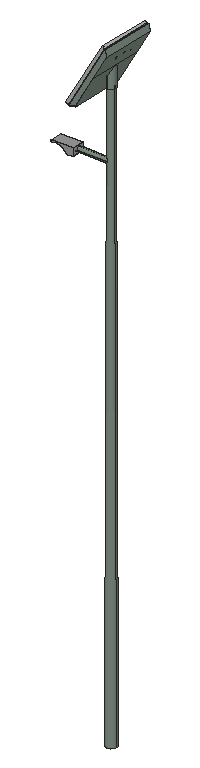
Revit family "Farola Solar Olintu L verde bosque", category Luminarias, Revit 2021
Family settings
  Cota de conector redondo = Diámetro de uso
  Tipo de pieza = Normal
  Se basa en plano de trabajo = No
  Siempre vertical = Sí
  Corte con vacíos al cargar = No
  Origen de luz = No
  Compartido = Sí
  Punto de cálculo de habitación = No
Parameters
  URL producto = "https://ekiona.com/farolas-solares/serie-olintu/"
  URL = "https://www.ekiona.com/"
  Teléfono de contacto = "(+34) 943 30 80 51"
  Keynote = ""
  Modelo = "Modelo Olintu"
  Marcado CE = "SÍ"
  Garantía = "5 años"
  Gama de colores = "Blanco, Negro, Gris, Verde bosque, Acero galvanizado"
  Gama de acabados = "Galvanizado, Fibra de vidrio, Aluminio"
  Fabricante = "Ekiona"
  Elevación por defecto = 2000 mm
  E-mail de contacto = "info@ekiona.com"
  Distancia inserto-columa = Altura columna extremos - 150 mm  # 7850 mm
  Distancia brazo-final de columna = Altura columna extremos - 1000 mm  # 7000 mm
  Dirección = "Parque Tecnológico Miramón - Paseo Mikeletegi 56 - 20009 Donostia/San Sebastián"
  Descripción de la empresa = "Diseñamos, desarrollamos, fabricamos y comercializamos farolas solares que se adaptan a cualquier necesidad."
  Descripción = "Farola solar que combina diseño y eficencia"
  Clase eficiencia energética = "A++"
  Altura columna planos = Altura columna extremos  # 8000 mm
  Altura columna extremos = 8000 mm
Reference planes
  plane 1 "Center (Front/Back)": y = 0
  plane 2: z = 0
  plane 3 "Center (Left/Right)": x = 0
  plane 4: z = 8000
  plane 5: z = 7850
  plane 6: z = 7000
Dimensions and locks
  "Altura columna planos": level to plane 4
  "Altura columna extremos": nested 1 to plane 4
  "Distancia inserto-columa": level to plane 5
  "Distancia brazo-final de columna": level to plane 6
  aligned and locked: level to plane 2
  aligned and locked: plane 4 to nested 1
  aligned and locked: plane 5 to nested 2
  aligned and locked: plane 6 to nested 3
Nested families
  nested 1: "Columna Olintu L verde bosque" at (0, 0, 0), type "Columna 8m"
  nested 2: "Tolva Olintu L verde bosque" at (-30.017, 337.873, 6260.512), type "Tolva Olintu M"
  nested 3: "Luminaria Olintu L verde bosque" at (0, 0, 6955), type "Luminaria 20W"
Definition of nested family "Columna Olintu L verde bosque"
  Parameters (values of type "Columna 10m")
    Øsuperior = 88 mm
    Øinferior = 150 mm
    Material columna = none
    Default Elevation = 0 mm
    Altura columna [instance] = 10000 mm
  Types (3, lengths in mm): name | Øinferior | Altura columna
    Columna 9m | 145 | 9000
    Columna 8m | 140 | 8000
    Columna 10m | 150 | 10000
  Reference planes
    plane 1 "Center (Front/Back)": y = 0
    plane 2: z = 0
    plane 3 "Center (Left/Right)": x = 0
    plane 4: z = 10000
  Forms (mm)
    Blend 1, solid, material <- "Material columna"
      base sketch origin (0, 0, 0) x (1, 0, 0) y (0, 1, 0)
        loop
          circle (0, 0) r 75
      top sketch origin (0, 0, 0) x (1, 0, 0) y (0, 1, 0)
        loop
          circle (0, 0) r 44
      from 0 to 10000
  Dimensions and locks
    "Altura columna": plane 4 to level
    "Øinferior": diameter of Blend 1 sketch curve
    "Øsuperior": diameter of Blend 1 sketch curve
    aligned and locked: level to plane 2
    aligned and locked: plane 4 to Blend 1
  Automatic sketch dimensions
    plane 1 "Center (Front/Back)" to Blend 1 sketch curve = 0 mm  (x2)
    Blend 1 sketch curve to plane 3 "Center (Left/Right)" = 0 mm  (x2)
Definition of nested family "Tolva Olintu L verde bosque"
  Parameters (values of type "Tolva Olintu M")
    Model = "Tolva Olintu"
    Material tapa = none
    Material inserto = none
    Material estructura base = none
    Material embellecedor = none
    Manufacturer = "Ekiona"
    Default Elevation = 0 mm
    Ancho panel = 545 mm
  Reference planes
    plane 1 "Center (Front/Back)": y = 0
    plane 2: z = 0
    plane 3 "Center (Left/Right)": x = 0
    plane 4 "Plano 1": through (314.197, -25, 2122.882) normal (-0.5, 0, 0.866)
    plane 5 "paralelo a vista izq": y = -337.5
    plane 6 "Plano 1": through (259.959, -25, 3493.187) normal (-0.5, 0, 0.866)
    plane 7: through (172.752, 0, 2142.023) normal (-0.866, 0, 0.5)
  Forms (mm)
    Extrusion 1, solid, material <- "Material estructura base"
      sketch origin (128.943, 0, 6.927) x (1, 0, 0) y (0, 0, 1)
        loop
          line (102.452, 2266.839) -> (-376.662, 1436.99) -> (-311.636, 1399.447) -> (167.478, 2229.297) -> (102.452, 2266.839)
      from 0 to 704.8
    Extrusion 2, void
      sketch origin (28.039, 0, -172.323) x (1, 0, 0) y (0, 0, 1)
        loop
          line (221.073, 2440.009) -> (236.391, 2353.137) -> (284.006, 2435.609) -> (221.073, 2440.009)
      from 0 to 704.8
    Extrusion 3, void
      sketch origin (59.33, 0, -118.226) x (1, 0, 0) y (0, 0, 1)
        loop
          line (-212.839, 1570.569) -> (-289.787, 1549.95) -> (-300.47, 1528.787) -> (-231.188, 1488.787) -> (-191.188, 1558.069) -> (-212.839, 1570.569)
      from 0 to 769.834
    Extrusion 4, solid, material <- "Material tapa"
      sketch origin (-59.014, 0, -318.454) x (1, 0, 0) y (0, 0, 1)
        loop
          line (290.483, 2592.177) -> (309.316, 2581.303) -> (323.733, 2499.539) -> (152.052, 2202.179) -> (153.752, 2201.197) -> (325.531, 2498.727) -> (310.698, 2582.853) -> (291.499, 2593.937) -> (290.483, 2592.177)
      from 0 to 704.8
    Extrusion 5, solid, material <- "Material embellecedor"
      sketch origin (128.918, 0, 7.059) x (1, 0, 0) y (0, 0, 1)
        loop
          line (-35.978, 1876.723) -> (-285.554, 1444.445) -> (-356.741, 1425.371) -> (-376.562, 1436.815) -> (-377.509, 1435.176) -> (-356.946, 1423.304) -> (-284.094, 1442.825) -> (-34.182, 1875.686) -> (-35.978, 1876.723)
      from 0 to 704.8
    Extrusion 6, void
      sketch origin (-959.244, -34.1, 22.516) x (0, 1, 0) y (0.5, 0, 0.866025)
        loop
          line (-463.861, 2321.81) -> (-416.148, 2321.81)
          arc (-416.148, 2321.81) -> (-419.48, 2339.286) -> (-430.409, 2353.323) r 37.954
          arc (-430.409, 2353.323) -> (-445.409, 2358.568) -> (-460.409, 2353.323) r 24.073
          arc (-460.409, 2353.323) -> (-471.433, 2339.075) -> (-474.645, 2321.349) r 37.954
          arc (-474.645, 2321.349) -> (-473.167, 2312.913) -> (-469.836, 2305.024) r 37.954
          arc (-469.836, 2305.024) -> (-441.562, 2289.96) -> (-416.017, 2309.293) r 29.744
          line (-416.017, 2309.293) -> (-423.962, 2312.74)
          arc (-423.962, 2312.74) -> (-442.617, 2300.75) -> (-461.255, 2312.766) r 20.484
          arc (-461.255, 2312.766) -> (-462.888, 2317.193) -> (-463.861, 2321.81) r 32.425
        loop
          line (-462.861, 2331.038) -> (-427.861, 2331.038)
          arc (-427.861, 2331.038) -> (-445.361, 2348.538) -> (-462.861, 2331.038) r 17.5
        loop
          line (-407.152, 2354.99) -> (-407.152, 2299.99)
          arc (-407.152, 2299.99) -> (-401.908, 2294.747) -> (-396.665, 2299.99) r 5.244
          line (-396.665, 2299.99) -> (-396.665, 2315.008) -> (-387.196, 2324.476) -> (-367.121, 2295.806)
          arc (-367.121, 2295.806) -> (-360.158, 2294.578) -> (-358.93, 2301.542) r 5
          line (-358.93, 2301.542) -> (-380.016, 2331.656) -> (-362.339, 2349.334)
          arc (-362.339, 2349.334) -> (-362.339, 2357.323) -> (-370.328, 2357.323) r 5.649
          line (-370.328, 2357.323) -> (-396.665, 2330.986) -> (-396.665, 2354.99)
          arc (-396.665, 2354.99) -> (-401.908, 2360.234) -> (-407.152, 2354.99) r 5.244
        loop
          line (-345.695, 2330.348) -> (-345.695, 2298.296)
          arc (-345.695, 2298.296) -> (-340.695, 2293.296) -> (-335.695, 2298.296) r 5
          line (-335.695, 2298.296) -> (-335.695, 2330.348)
          arc (-335.695, 2330.348) -> (-340.695, 2335.348) -> (-345.695, 2330.348) r 5
        loop
          arc (-313.958, 2351.943) -> (-322.635, 2348.932) -> (-329.497, 2355.038) r 9.076
          arc (-329.497, 2355.038) -> (-336.449, 2361.579) -> (-345.695, 2359.211) r 9.903
          arc (-345.695, 2359.211) -> (-348.682, 2355.086) -> (-349.922, 2350.147) r 13.45
          arc (-349.922, 2350.147) -> (-346.706, 2343.243) -> (-339.177, 2342.089) r 8.071
          arc (-339.177, 2342.089) -> (-335.695, 2342.685) -> (-332.214, 2342.089) r 10.463
          arc (-332.214, 2342.089) -> (-327.031, 2338.208) -> (-325.061, 2332.04) r 10.635
          arc (-325.061, 2332.04) -> (-262.525, 2310.202) -> (-313.958, 2351.943) r 33.621
        loop
          line (-250.357, 2353.481) -> (-250.357, 2298.481)
          arc (-250.357, 2298.481) -> (-243.625, 2291.749) -> (-236.893, 2298.481) r 6.732
          line (-236.893, 2298.481) -> (-236.893, 2343.466)
          arc (-236.893, 2343.466) -> (-229.971, 2349.019) -> (-221.459, 2351.529) r 22.933
          arc (-221.459, 2351.529) -> (-212.902, 2347.984) -> (-209.357, 2339.427) r 12.102
          line (-209.357, 2339.427) -> (-209.357, 2298.481)
          arc (-209.357, 2298.481) -> (-203.024, 2292.148) -> (-196.691, 2298.481) r 6.333
          line (-196.691, 2298.481) -> (-196.691, 2339.905)
          arc (-196.691, 2339.905) -> (-198.028, 2347.169) -> (-201.863, 2353.481) r 20.404
          arc (-201.863, 2353.481) -> (-219.569, 2360.932) -> (-237.793, 2354.854) r 27.258
          arc (-237.793, 2354.854) -> (-244.69, 2359.8) -> (-250.357, 2353.481) r 6.357
        loop
          arc (-184.719, 2344.597) -> (-181.441, 2338.502) -> (-174.681, 2339.98) r 5.745
          arc (-174.681, 2339.98) -> (-169.693, 2349.593) -> (-159.36, 2352.836) r 14.106
          arc (-159.36, 2352.836) -> (-151.076, 2350.212) -> (-144.661, 2344.349) r 20.193
          line (-144.661, 2344.349) -> (-144.661, 2338.186)
          arc (-144.661, 2338.186) -> (-158.183, 2333.475) -> (-172.248, 2330.794) r 97.575
          arc (-172.248, 2330.794) -> (-181.869, 2326.808) -> (-185.855, 2317.187) r 13.607
          arc (-185.855, 2317.187) -> (-186.09, 2312.502) -> (-186.044, 2307.811) r 78.299
          arc (-186.044, 2307.811) -> (-182.313, 2300.899) -> (-176.154, 2296.024) r 19.471
          arc (-176.154, 2296.024) -> (-166.154, 2293.649) -> (-156.154, 2296.024) r 22.235
          arc (-156.154, 2296.024) -> (-150.683, 2299.242) -> (-145.676, 2303.144) r 48.757
          line (-145.676, 2303.144) -> (-145.676, 2297.176)
          arc (-145.676, 2297.176) -> (-140.801, 2292.301) -> (-135.926, 2297.176) r 4.875
          line (-135.926, 2297.176) -> (-135.926, 2347.483)
          arc (-135.926, 2347.483) -> (-140.108, 2354.143) -> (-146.491, 2358.739) r 20.503
          arc (-146.491, 2358.739) -> (-158.534, 2361.376) -> (-170.577, 2358.739) r 28.822
          arc (-170.577, 2358.739) -> (-178.914, 2352.934) -> (-184.719, 2344.597) r 28.822
        loop
          arc (-144.661, 2330.676) -> (-156.177, 2325.488) -> (-168.693, 2323.785) r 44.019
          arc (-168.693, 2323.785) -> (-173.358, 2321.852) -> (-175.29, 2317.187) r 6.598
          arc (-175.29, 2317.187) -> (-175.527, 2313.145) -> (-175.29, 2309.103) r 34.669
          arc (-175.29, 2309.103) -> (-173.729, 2305.335) -> (-169.961, 2303.774) r 5.329
          arc (-169.961, 2303.774) -> (-163.465, 2302.436) -> (-156.969, 2303.774) r 16.436
          arc (-156.969, 2303.774) -> (-150.056, 2308.034) -> (-144.661, 2314.101) r 27.926
          line (-144.661, 2314.101) -> (-144.661, 2330.676)
      from -19.407 to 3
    Revolve 7, solid, material <- "Material inserto"
      sketch origin (29.873, 0, -136.266) x (0, 1, 0) y (0, 0, 1)
        loop
          line (-287.5, 2035.827) -> (-287.5, 1725.755) -> (-284.5, 1725.755) -> (-284.5, 2035.827) -> (-287.5, 2035.827)
        axis (-337.5, 2035.827) -> (-337.5, 1725.755)
      angle from 0 to 360
    Extrusion 8, solid, not visible
      sketch origin (124.705, 0, 1465.982) x (1, 0, 0) y (0, 0, 1)
        loop
          line (25.298, 2103.034) -> (-292.965, 1551.785) -> (-241.004, 1521.785) -> (77.26, 2073.034) -> (25.298, 2103.034)
      from 70.047 to 615.047
    Extrusion 9, void, not visible
      sketch origin (-63.196, 0, 1140.322) x (1, 0, 0) y (0, 0, 1)
        loop
          line (224.128, 2422.685) -> (236.948, 2349.979) -> (276.798, 2419.002) -> (224.128, 2422.685)
      from 0 to 675
    Extrusion 10, void, not visible
      sketch origin (124.705, 0, 1465.982) x (1, 0, 0) y (0, 0, 1)
        loop
          line (-212.839, 1570.569) -> (-289.787, 1549.95) -> (-300.47, 1528.787) -> (-231.188, 1488.787) -> (-191.188, 1558.069) -> (-212.839, 1570.569)
      from 0 to 675
    Extrusion 11, solid, not visible
      sketch origin (-63.252, 0, 1140.601) x (1, 0, 0) y (0, 0, 1)
        loop
          line (212.635, 2427.51) -> (224.709, 2420.539) -> (237.206, 2349.669) -> (152.052, 2202.179) -> (153.752, 2201.197) -> (239.192, 2349.183) -> (226.372, 2421.888) -> (213.635, 2429.242) -> (212.635, 2427.51)
      from 70.047 to 615.047
    Extrusion 12, solid, not visible
      sketch origin (124.679, 0, 1466.114) x (1, 0, 0) y (0, 0, 1)
        loop
          line (-35.879, 1876.666) -> (-212.705, 1570.395) -> (-289.813, 1549.734) -> (-293.065, 1551.612) -> (-294.068, 1549.876) -> (-290.068, 1547.567) -> (-211.46, 1568.63) -> (-34.182, 1875.686) -> (-35.879, 1876.666)
      from 70.047 to 615.047
    Extrusion 13, solid, not visible
      sketch origin (124.769, 0, 1465.921) x (1, 0, 0) y (0, 0, 1)
        loop
          line (-292.965, 1551.785) -> (25.035, 2102.578) -> (-5.276, 2120.078) -> (-323.276, 1569.285) -> (-292.965, 1551.785)
      from 70.047 to 615.047
    Extrusion 14, void, not visible
      sketch origin (-1013.482, -34.1, 1392.821) x (0, 1, 0) y (0.5, 0, 0.866025)
        loop
          line (-463.861, 2321.81) -> (-416.148, 2321.81)
          arc (-416.148, 2321.81) -> (-419.48, 2339.286) -> (-430.409, 2353.323) r 37.954
          arc (-430.409, 2353.323) -> (-445.409, 2358.568) -> (-460.409, 2353.323) r 24.073
          arc (-460.409, 2353.323) -> (-471.433, 2339.075) -> (-474.645, 2321.349) r 37.954
          arc (-474.645, 2321.349) -> (-473.167, 2312.913) -> (-469.836, 2305.024) r 37.954
          arc (-469.836, 2305.024) -> (-441.562, 2289.96) -> (-416.017, 2309.293) r 29.744
          line (-416.017, 2309.293) -> (-423.962, 2312.74)
          arc (-423.962, 2312.74) -> (-442.617, 2300.75) -> (-461.255, 2312.766) r 20.484
          arc (-461.255, 2312.766) -> (-462.888, 2317.193) -> (-463.861, 2321.81) r 32.425
        loop
          line (-462.861, 2331.038) -> (-427.861, 2331.038)
          arc (-427.861, 2331.038) -> (-445.361, 2348.538) -> (-462.861, 2331.038) r 17.5
        loop
          line (-407.152, 2354.99) -> (-407.152, 2299.99)
          arc (-407.152, 2299.99) -> (-401.908, 2294.747) -> (-396.665, 2299.99) r 5.244
          line (-396.665, 2299.99) -> (-396.665, 2315.008) -> (-387.196, 2324.476) -> (-367.121, 2295.806)
          arc (-367.121, 2295.806) -> (-360.158, 2294.578) -> (-358.93, 2301.542) r 5
          line (-358.93, 2301.542) -> (-380.016, 2331.656) -> (-362.339, 2349.334)
          arc (-362.339, 2349.334) -> (-362.339, 2357.323) -> (-370.328, 2357.323) r 5.649
          line (-370.328, 2357.323) -> (-396.665, 2330.986) -> (-396.665, 2354.99)
          arc (-396.665, 2354.99) -> (-401.908, 2360.234) -> (-407.152, 2354.99) r 5.244
        loop
          line (-345.695, 2330.348) -> (-345.695, 2298.296)
          arc (-345.695, 2298.296) -> (-340.695, 2293.296) -> (-335.695, 2298.296) r 5
          line (-335.695, 2298.296) -> (-335.695, 2330.348)
          arc (-335.695, 2330.348) -> (-340.695, 2335.348) -> (-345.695, 2330.348) r 5
        loop
          arc (-313.958, 2351.943) -> (-322.635, 2348.932) -> (-329.497, 2355.038) r 9.076
          arc (-329.497, 2355.038) -> (-336.449, 2361.579) -> (-345.695, 2359.211) r 9.903
          arc (-345.695, 2359.211) -> (-348.682, 2355.086) -> (-349.922, 2350.147) r 13.45
          arc (-349.922, 2350.147) -> (-346.706, 2343.243) -> (-339.177, 2342.089) r 8.071
          arc (-339.177, 2342.089) -> (-335.695, 2342.685) -> (-332.214, 2342.089) r 10.463
          arc (-332.214, 2342.089) -> (-327.031, 2338.208) -> (-325.061, 2332.04) r 10.635
          arc (-325.061, 2332.04) -> (-262.525, 2310.202) -> (-313.958, 2351.943) r 33.621
        loop
          line (-250.357, 2353.481) -> (-250.357, 2298.481)
          arc (-250.357, 2298.481) -> (-243.625, 2291.749) -> (-236.893, 2298.481) r 6.732
          line (-236.893, 2298.481) -> (-236.893, 2343.466)
          arc (-236.893, 2343.466) -> (-229.971, 2349.019) -> (-221.459, 2351.529) r 22.933
          arc (-221.459, 2351.529) -> (-212.902, 2347.984) -> (-209.357, 2339.427) r 12.102
          line (-209.357, 2339.427) -> (-209.357, 2298.481)
          arc (-209.357, 2298.481) -> (-203.024, 2292.148) -> (-196.691, 2298.481) r 6.333
          line (-196.691, 2298.481) -> (-196.691, 2339.905)
          arc (-196.691, 2339.905) -> (-198.028, 2347.169) -> (-201.863, 2353.481) r 20.404
          arc (-201.863, 2353.481) -> (-219.569, 2360.932) -> (-237.793, 2354.854) r 27.258
          arc (-237.793, 2354.854) -> (-244.69, 2359.8) -> (-250.357, 2353.481) r 6.357
        loop
          arc (-184.719, 2344.597) -> (-181.441, 2338.502) -> (-174.681, 2339.98) r 5.745
          arc (-174.681, 2339.98) -> (-169.693, 2349.593) -> (-159.36, 2352.836) r 14.106
          arc (-159.36, 2352.836) -> (-151.076, 2350.212) -> (-144.661, 2344.349) r 20.193
          line (-144.661, 2344.349) -> (-144.661, 2338.186)
          arc (-144.661, 2338.186) -> (-158.183, 2333.475) -> (-172.248, 2330.794) r 97.575
          arc (-172.248, 2330.794) -> (-181.869, 2326.808) -> (-185.855, 2317.187) r 13.607
          arc (-185.855, 2317.187) -> (-186.09, 2312.502) -> (-186.044, 2307.811) r 78.299
          arc (-186.044, 2307.811) -> (-182.313, 2300.899) -> (-176.154, 2296.024) r 19.471
          arc (-176.154, 2296.024) -> (-166.154, 2293.649) -> (-156.154, 2296.024) r 22.235
          arc (-156.154, 2296.024) -> (-150.683, 2299.242) -> (-145.676, 2303.144) r 48.757
          line (-145.676, 2303.144) -> (-145.676, 2297.176)
          arc (-145.676, 2297.176) -> (-140.801, 2292.301) -> (-135.926, 2297.176) r 4.875
          line (-135.926, 2297.176) -> (-135.926, 2347.483)
          arc (-135.926, 2347.483) -> (-140.108, 2354.143) -> (-146.491, 2358.739) r 20.503
          arc (-146.491, 2358.739) -> (-158.534, 2361.376) -> (-170.577, 2358.739) r 28.822
          arc (-170.577, 2358.739) -> (-178.914, 2352.934) -> (-184.719, 2344.597) r 28.822
        loop
          arc (-144.661, 2330.676) -> (-156.177, 2325.488) -> (-168.693, 2323.785) r 44.019
          arc (-168.693, 2323.785) -> (-173.358, 2321.852) -> (-175.29, 2317.187) r 6.598
          arc (-175.29, 2317.187) -> (-175.527, 2313.145) -> (-175.29, 2309.103) r 34.669
          arc (-175.29, 2309.103) -> (-173.729, 2305.335) -> (-169.961, 2303.774) r 5.329
          arc (-169.961, 2303.774) -> (-163.465, 2302.436) -> (-156.969, 2303.774) r 16.436
          arc (-156.969, 2303.774) -> (-150.056, 2308.034) -> (-144.661, 2314.101) r 27.926
          line (-144.661, 2314.101) -> (-144.661, 2330.676)
      from -19.407 to 3
    Revolve 15, solid, not visible
      sketch origin (0, 0, 1241.412) x (0, 1, 0) y (0, 0, 1)
        loop
          line (-287.5, 2035.827) -> (-287.5, 1725.755) -> (-284.5, 1725.755) -> (-284.5, 2035.827) -> (-287.5, 2035.827)
        axis (-337.5, 2035.827) -> (-337.5, 1725.755)
      angle from 0 to 360
    Extrusion 16, solid, not visible
      sketch origin (128.943, 0, 6.927) x (1, 0, 0) y (0, 0, 1)
        loop
          line (25.298, 2103.034) -> (-292.965, 1551.785) -> (-241.004, 1521.785) -> (77.26, 2073.034) -> (25.298, 2103.034)
      from 70.047 to 615.047
    Extrusion 17, solid, not visible
      sketch origin (-59.014, 0, -318.454) x (1, 0, 0) y (0, 0, 1)
        loop
          line (212.635, 2427.51) -> (224.709, 2420.539) -> (237.206, 2349.669) -> (152.052, 2202.179) -> (153.752, 2201.197) -> (239.192, 2349.183) -> (226.372, 2421.888) -> (213.635, 2429.242) -> (212.635, 2427.51)
      from 70.047 to 615.047
    Extrusion 18, solid, not visible
      sketch origin (128.918, 0, 7.059) x (1, 0, 0) y (0, 0, 1)
        loop
          line (-35.879, 1876.666) -> (-212.705, 1570.395) -> (-289.813, 1549.734) -> (-293.065, 1551.612) -> (-294.068, 1549.876) -> (-290.068, 1547.567) -> (-211.46, 1568.63) -> (-34.182, 1875.686) -> (-35.879, 1876.666)
      from 70.047 to 615.047
    Revolve 19, solid, not visible
      sketch origin (0, 0, -217.643) x (0, 1, 0) y (0, 0, 1)
        loop
          line (-287.5, 2035.827) -> (-287.5, 1725.755) -> (-284.5, 1725.755) -> (-284.5, 2035.827) -> (-287.5, 2035.827)
        axis (-337.5, 2035.827) -> (-337.5, 1725.755)
      angle from 0 to 360
    Extrusion 20, solid
      sketch origin (-12.917, 0, 7.457) x (1, 0, 0) y (0, 0, 1)
        loop
          line (245.402, 2268.026) -> (215.091, 2285.526) -> (-265.985, 1452.278) -> (-235.674, 1434.778) -> (245.402, 2268.026)
      from 0 to 704.8
  Cuts and joins
    Extrusion 2, Extrusion 3, Extrusion 6 cuts Extrusion 1
    Extrusion 6 cuts Extrusion 4
  Dimensions and locks
    cut or joined group of Extrusion 4, Extrusion 6 to cut or joined group of Extrusion 4, Extrusion 6 = 704.8 mm
    Extrusion 5 to Extrusion 5 = 704.8 mm
    cut or joined group of Extrusion 1, Extrusion 2, Extrusion 3, Extrusion 6 to cut or joined group of Extrusion 1, Extrusion 2, Extrusion 3, Extrusion 6 = 704.8 mm
    Revolve 7 sketch curve to Revolve 7 sketch curve = 50 mm
    Revolve 7 sketch curve to Revolve 7 sketch curve = 53 mm
    Revolve 19 sketch curve to Revolve 19 sketch curve = 50 mm
    Revolve 19 sketch curve to Revolve 19 sketch curve = 53 mm
    Extrusion 20 to Extrusion 4 = 2.033 mm
    aligned and locked: level to plane 2
    aligned and locked: Extrusion 4 to cut or joined group of Extrusion 1, Extrusion 2, Extrusion 3, Extrusion 6
Definition of nested family "Luminaria Olintu L verde bosque"
  Parameters (values of type "Luminaria 80W")
    Tilt Angle = 70.00°
    built-in parameter 1010506 = 0.34907 (stored number, unit not read)
    built-in parameter 1010507 = 1.2217 (stored number, unit not read)
    Wattage = 80 W
    built-in parameter 1150107 = 3000 (stored number, unit not read)
    built-in parameter 1150110 = 1 (stored number, unit not read)
    built-in parameter 1150109 = 1 (stored number, unit not read)
    built-in parameter 1150112 = 1 (stored number, unit not read)
    built-in parameter 1150113 = 1 (stored number, unit not read)
    built-in parameter 1114218 = 1 (stored number, unit not read)
    built-in parameter 1150137 = (empty or 0)
    built-in parameter 1150132 = (empty or 0)
    Material luminaria = none
    Material brazo = none
    Material LED = none
    Light Source Symbol Length = 3048 mm
    built-in parameter 1150105 = 97231.6 (stored number, unit not read)
    built-in parameter 1150102 = (empty or 0)
    built-in parameter 1150106 = 972.32 (stored number, unit not read)
    Emit Shape Visible in Rendering = no
    Lumens = 13200 lm
    Color Filter = 16777215
    built-in parameter 1114217 = 0.7 (stored number, unit not read)
    built-in parameter 1150139 = (empty or 0)
    Default Elevation = 0 mm
    built-in parameter 1150104 = 15.329 (stored number, unit not read)
    Emit from Circle Diameter = 50 mm
    built-in parameter 1150115 = 1 (stored number, unit not read)
    built-in parameter 1150114 = 1 (stored number, unit not read)
    built-in parameter 1150138 = (empty or 0)
    built-in parameter 1150134 = (empty or 0)
    Dimming Lamp Color Temperature Shift = (empty or 0)
    built-in parameter 1150133 = 10 (stored number, unit not read)
  Types (7, lengths in mm): name | Wattage | built-in parameter 1150105 | built-in parameter 1150106 | Lumens
    Luminaria 30W | 30 W | 36461.8 (stored number, unit not read) | 364.62 (stored number, unit not read) | 4950 lm
    Luminaria 20W | 20 W | 24307.9 (stored number, unit not read) | 243.08 (stored number, unit not read) | 3300 lm
    Luminaria 40W | 40 W | 48615.8 (stored number, unit not read) | 486.16 (stored number, unit not read) | 6600 lm
    Luminaria 50W | 50 W | 60769.7 (stored number, unit not read) | 607.7 (stored number, unit not read) | 8250 lm
    Luminaria 60W | 60 W | 72923.7 (stored number, unit not read) | 729.24 (stored number, unit not read) | 9900 lm
    Luminaria 80W | 80 W | 97231.6 (stored number, unit not read) | 972.32 (stored number, unit not read) | 13200 lm
    Luminaria 100W | 100 W | 121539.5 (stored number, unit not read) | 1215.4 (stored number, unit not read) | 16500 lm
  Reference planes
    plane 1 "Center (Front/Back)": y = 0
    plane 2: z = 0
    plane 3 "Center (Left/Right)": x = 0
  Forms (mm)
    Revolve 1, solid, material <- "Material brazo"
      sketch origin (303.946, 1.989, 0) x (1, 0, 0) y (0, 1, 0)
        loop
          line (-759.81, 30) -> (-302.022, 30) -> (-302.022, 33.284) -> (-759.81, 33.284) -> (-759.81, 30)
        axis (-759.81, 0) -> (-302.022, 0)
      angle from 0 to 360
    Revolve 2, solid, material <- "Material LED"
      sketch origin (491.23, 0, 1.202) x (1, 0, 0) y (0, 0, 1)
        loop
          arc (-1192.369, 27.257) -> (-1185.047, 9.579) -> (-1167.369, 2.257) r 25
          line (-1167.369, 2.257) -> (-1167.369, 27.257) -> (-1192.369, 27.257)
        axis (-1167.369, 27.257) -> (-1167.369, 2.257)
      angle from 0 to 360
    Extrusion 3, solid, material <- "Material luminaria"
      sketch origin (90.557, 170, -3.536) x (1, 0, 0) y (0, 0, 1)
        loop
          arc (-530.557, 45) -> (-532.034, 47.059) -> (-534.093, 48.536) r 7.795
          line (-534.093, 48.536) -> (-819.093, 48.536)
          arc (-819.093, 48.536) -> (-830.585, 37.044) -> (-819.093, 25.552) r 11.492
          line (-819.093, 25.552) -> (-754.765, 25.552)
          arc (-754.765, 25.552) -> (-719.662, 20.455) -> (-685.221, 11.966) r 364.063
          arc (-685.221, 11.966) -> (-667.18, 1.896) -> (-655.103, -14.869) r 47.612
          arc (-655.103, -14.869) -> (-633.37, -40.263) -> (-603.441, -55.142) r 83.798
          arc (-603.441, -55.142) -> (-569.333, -56.37) -> (-535.764, -50.207) r 157.18
          arc (-535.764, -50.207) -> (-532.082, -48.682) -> (-530.557, -45) r 5.207
          line (-530.557, -45) -> (-530.557, 45)
      from 95.307 to 250
  Dimensions and locks
    aligned and locked: level to plane 2
